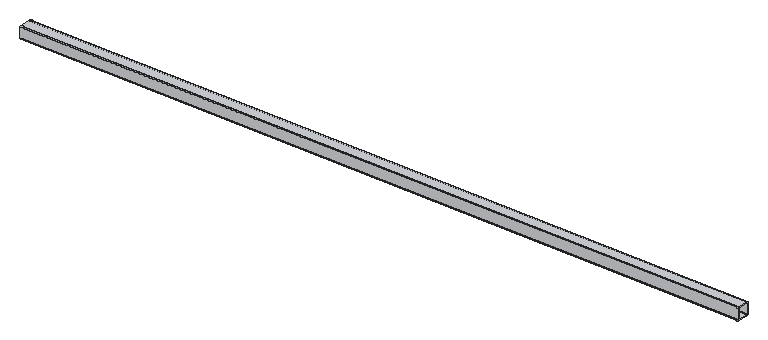
Revit family "CENTUM Profil XL 100 6m L2D", category HLS-Bauteile, Revit 2023
Family settings
  Bemaßung runder Anschluss = Durchmesser verwenden
  Teiletyp = Normal
  Arbeitsebenenbasiert = Ja
  Immer vertikal = Nein
  Beim Laden mit Abzugskörper schneiden = Nein
  Beschriftungsausrichtung beibehalten = Nein
  Gemeinsam genutzt = Ja
  Raumberechnungspunkt = Nein
Parameters (values of type "Centum Profil XL100 L=6000 L2D")
  vpe = "6"
  Widerstandsmoment Wz = "31.43 cm³"
  Widerstandsmoment Wy = "31.43 cm³"
  Default Elevation = 1219.2 mm
  Trägheitsradius iz = "4.02 cm"
  Trägheitsradius iy = "4.02 cm"
  Torsionswiderstandsmoment Wt = "56.40 cm³"
  Stärke = 3 mm
  Streckgrenze = "275 N/mm²"
  Schwerpunktabstand ez = " cm"
  Schwerpunktabstand eu = " cm"
  Schwerpunktabstand eo = " cm"
  Schlitzbreite = " mm"
  Regelhalter [instance] = ""
  Profiltyp = "XL 100"
  Profil = "CENTUM"
  Oberflaeche = "feuerstückverzinkt"
  Montagelänge [instance] = 6000 mm
  Mengeneinheit = "m"
  Materialname = "S275"
  Material = "Stahl"
  Länge = 6000 mm
  Lochdurchmesser = " mm"
  Langloch = "14.0 x 65.0 mm"
  Kurztext2 = "100 / 100 / 3 mm L= 6 m fsv"
  Kurztext1 = "Montageprofil CENTUM XL 100"
  Höhe = "100 mm"
  Gewicht pro Stück [instance] = (Gewicht * Montagelänge / (1000 mm * 1000 mm)) * 1000 mm  # 50.76 kg
  Gewicht pro Bauteil [instance] = Gewicht pro Stück  # 50.76 kg
  Gewicht = 8.46 kg
  Gesamtlänge [instance] = Montagelänge  # 6000 mm
  Gesamtgewicht [instance] = Gewicht pro Bauteil  # 50.76 kg
  Fläche (schwächster Profilquerschnitt) = 0.000973 m²
  Firma = "MEFA Befestigungs- und Montagesysteme GmbH"
  Fabrikat = "MEFA"
  Erweiterung Langloch = " mm"
  EAN = "4250928436634"
  Bund = "96 m"
  Breite = 100 mm
  Artikelnummer = "16010060"
  Anzahl Langloch [instance] = Montagelänge / 80 mm  # 75
  Abmessung = "100/100/3.0 mm"
Reference planes
  plane 1 "Mitte (Vorne/hinten)": y = 0
  plane 2: z = 0
  plane 3 "Mitte (Links/rechts)": x = 0
  plane 4: x = 6000
Forms (mm)
  Extrusion 1, solid, detail levels fine
    sketch origin (0, 0, 0) x (0, 1, 0) y (0, 0, 1)
      loop
        arc (44, 0) -> (48.243, 1.757) -> (50, 6) r 6
        line (50, 6) -> (50, 94)
        arc (50, 94) -> (48.243, 98.243) -> (44, 100) r 6
        line (44, 100) -> (-44, 100)
        arc (-44, 100) -> (-48.243, 98.243) -> (-50, 94) r 6
        line (-50, 94) -> (-50, 6)
        arc (-50, 6) -> (-48.243, 1.757) -> (-44, 0) r 6
        line (-44, 0) -> (44, 0)
      loop
        arc (47, 94) -> (46.121, 96.121) -> (44, 97) r 3
        line (44, 97) -> (-44, 97)
        arc (-44, 97) -> (-46.121, 96.121) -> (-47, 94) r 3
        line (-47, 94) -> (-47, 6)
        arc (-47, 6) -> (-46.121, 3.879) -> (-44, 3) r 3
        line (-44, 3) -> (44, 3)
        arc (44, 3) -> (46.121, 3.879) -> (47, 6) r 3
        line (47, 6) -> (47, 94)
    from 0 to 6000
  Extrusion 2, solid, detail levels medium
    sketch origin (0, 0, 0) x (0, 1, 0) y (0, 0, 1)
      loop
        line (50, 0) -> (50, 100) -> (-50, 100) -> (-50, 0) -> (50, 0)
      loop
        line (47, 97) -> (-47, 97) -> (-47, 3) -> (47, 3) -> (47, 97)
    from 0 to 6000
  Extrusion 3, solid, detail levels coarse
    sketch origin (0, 0, 0) x (0, 1, 0) y (0, 0, 1)
      loop
        line (50, 0) -> (50, 100) -> (-50, 100) -> (-50, 0) -> (50, 0)
    from 0 to 6000
Lines and regions (mm)
  model lines
    curve 1: line (0, 0, 110) -> (0, 0, -10)
    curve 2: line (0, -60, 50) -> (0, 60, 50)
Dimensions and locks
  "Montagelänge": plane 4 to plane 3 "Mitte (Links/rechts)"
  equal spacing: group 1, group 2, group 3, group 4, group 5, group 6, group 7, group 8, group 9, group 10, group 11, group 12, group 13, group 14, group 15, group 16, group 17, group 18, group 19, group 20, group 21, group 22, group 23, group 24, group 25, group 26, group 27, group 28, group 29, group 30, group 31, group 32, group 33, group 34, group 35, group 36, group 37, group 38, group 39, group 40, group 41, group 42, group 43, group 44, group 45, group 46, group 47, group 48, group 49, group 50, group 51, group 52, group 53, group 54, group 55, group 56, group 57, group 58, group 59, group 60, group 61, group 62, group 63, group 64, group 65, group 66, group 67, group 68, group 69, group 70, group 71, group 72, group 73, group 74, group 75  (x3)
  aligned and locked: level to plane 2
  aligned and locked: plane 4 to Extrusion 1
  aligned and locked: Extrusion 3 to Extrusion 1
  aligned and locked: Extrusion 2 to Extrusion 1
  aligned and locked: nested 1 to nested 4
  aligned and locked: nested 4 to curve 2
  aligned and locked: nested 4 to nested 3
  aligned and locked: nested 3 to curve 1
  aligned and locked: nested 2 to nested 1
  aligned and locked: nested 2 to curve 2
  aligned and locked: nested 5 to nested 8
  aligned and locked: nested 8 to nested 7
  aligned and locked: nested 6 to nested 5
  aligned and locked: nested 9 to nested 12
  aligned and locked: nested 12 to nested 11
  aligned and locked: nested 10 to nested 9
  aligned and locked: nested 13 to nested 16
  aligned and locked: nested 16 to nested 15
  aligned and locked: nested 14 to nested 13
  aligned and locked: nested 17 to nested 20
  aligned and locked: nested 20 to nested 19
  aligned and locked: nested 18 to nested 17
  aligned and locked: nested 21 to nested 24
  aligned and locked: nested 24 to nested 23
  aligned and locked: nested 22 to nested 21
  aligned and locked: nested 25 to nested 28
  aligned and locked: nested 28 to nested 27
  aligned and locked: nested 26 to nested 25
  aligned and locked: nested 29 to nested 32
  aligned and locked: nested 32 to nested 31
  aligned and locked: nested 30 to nested 29
  aligned and locked: nested 33 to nested 36
  aligned and locked: nested 36 to nested 35
  aligned and locked: nested 34 to nested 33
  aligned and locked: nested 37 to nested 40
  aligned and locked: nested 40 to nested 39
  aligned and locked: nested 38 to nested 37
  aligned and locked: nested 41 to nested 44
  aligned and locked: nested 44 to nested 43
  aligned and locked: nested 42 to nested 41
  aligned and locked: nested 45 to nested 48
  aligned and locked: nested 48 to nested 47
  aligned and locked: nested 46 to nested 45
  aligned and locked: nested 49 to nested 52
  aligned and locked: nested 52 to nested 51
  aligned and locked: nested 50 to nested 49
  aligned and locked: nested 53 to nested 56
  aligned and locked: nested 56 to nested 55
  aligned and locked: nested 54 to nested 53
  aligned and locked: nested 57 to nested 60
  aligned and locked: nested 60 to nested 59
  aligned and locked: nested 58 to nested 57
  aligned and locked: nested 61 to nested 64
  aligned and locked: nested 64 to nested 63
  aligned and locked: nested 62 to nested 61
  aligned and locked: nested 65 to nested 68
  aligned and locked: nested 68 to nested 67
  aligned and locked: nested 66 to nested 65
  aligned and locked: nested 69 to nested 72
  aligned and locked: nested 72 to nested 71
  aligned and locked: nested 70 to nested 69
  aligned and locked: nested 73 to nested 76
  aligned and locked: nested 76 to nested 75
  aligned and locked: nested 74 to nested 73
  aligned and locked: nested 77 to nested 80
  aligned and locked: nested 80 to nested 79
  aligned and locked: nested 78 to nested 77
  aligned and locked: nested 81 to nested 84
  aligned and locked: nested 84 to nested 83
  aligned and locked: nested 82 to nested 81
  aligned and locked: nested 85 to nested 88
  aligned and locked: nested 88 to nested 87
  aligned and locked: nested 86 to nested 85
  aligned and locked: nested 89 to nested 92
  aligned and locked: nested 92 to nested 91
  aligned and locked: nested 90 to nested 89
  aligned and locked: nested 93 to nested 96
  aligned and locked: nested 96 to nested 95
  aligned and locked: nested 94 to nested 93
  aligned and locked: nested 97 to nested 100
  aligned and locked: nested 100 to nested 99
  aligned and locked: nested 98 to nested 97
  aligned and locked: nested 101 to nested 104
  aligned and locked: nested 104 to nested 103
  aligned and locked: nested 102 to nested 101
  aligned and locked: nested 105 to nested 108
  aligned and locked: nested 108 to nested 107
  aligned and locked: nested 106 to nested 105
  aligned and locked: nested 109 to nested 112
  aligned and locked: nested 112 to nested 111
  aligned and locked: nested 110 to nested 109
  aligned and locked: nested 113 to nested 116
  aligned and locked: nested 116 to nested 115
  aligned and locked: nested 114 to nested 113
  aligned and locked: nested 117 to nested 120
  aligned and locked: nested 120 to nested 119
  aligned and locked: nested 118 to nested 117
  aligned and locked: nested 121 to nested 124
  aligned and locked: nested 124 to nested 123
  aligned and locked: nested 122 to nested 121
  aligned and locked: nested 125 to nested 128
  aligned and locked: nested 128 to nested 127
  aligned and locked: nested 126 to nested 125
  aligned and locked: nested 129 to nested 132
  aligned and locked: nested 132 to nested 131
  aligned and locked: nested 130 to nested 129
  aligned and locked: nested 133 to nested 136
  aligned and locked: nested 136 to nested 135
  aligned and locked: nested 134 to nested 133
  aligned and locked: nested 137 to nested 140
  aligned and locked: nested 140 to nested 139
  aligned and locked: nested 138 to nested 137
  aligned and locked: nested 141 to nested 144
  aligned and locked: nested 144 to nested 143
  aligned and locked: nested 142 to nested 141
  aligned and locked: nested 145 to nested 148
  aligned and locked: nested 148 to nested 147
  aligned and locked: nested 146 to nested 145
  aligned and locked: nested 149 to nested 152
  aligned and locked: nested 152 to nested 151
  aligned and locked: nested 150 to nested 149
  aligned and locked: nested 153 to nested 156
  aligned and locked: nested 156 to nested 155
  aligned and locked: nested 154 to nested 153
  aligned and locked: nested 157 to nested 160
  aligned and locked: nested 160 to nested 159
  aligned and locked: nested 158 to nested 157
  aligned and locked: nested 161 to nested 164
  aligned and locked: nested 164 to nested 163
  aligned and locked: nested 162 to nested 161
  aligned and locked: nested 165 to nested 168
  aligned and locked: nested 168 to nested 167
  aligned and locked: nested 166 to nested 165
  aligned and locked: nested 169 to nested 172
  aligned and locked: nested 172 to nested 171
  aligned and locked: nested 170 to nested 169
  aligned and locked: nested 173 to nested 176
  aligned and locked: nested 176 to nested 175
  aligned and locked: nested 174 to nested 173
  aligned and locked: nested 177 to nested 180
  aligned and locked: nested 180 to nested 179
  aligned and locked: nested 178 to nested 177
  aligned and locked: nested 181 to nested 184
  aligned and locked: nested 184 to nested 183
  aligned and locked: nested 182 to nested 181
  aligned and locked: nested 185 to nested 188
  aligned and locked: nested 188 to nested 187
  aligned and locked: nested 186 to nested 185
  aligned and locked: nested 189 to nested 192
  aligned and locked: nested 192 to nested 191
  aligned and locked: nested 190 to nested 189
  aligned and locked: nested 193 to nested 196
  aligned and locked: nested 196 to nested 195
  aligned and locked: nested 194 to nested 193
  aligned and locked: nested 197 to nested 200
  aligned and locked: nested 200 to nested 199
  aligned and locked: nested 198 to nested 197
  aligned and locked: nested 201 to nested 204
  aligned and locked: nested 204 to nested 203
  aligned and locked: nested 202 to nested 201
  aligned and locked: nested 205 to nested 208
  aligned and locked: nested 208 to nested 207
  aligned and locked: nested 206 to nested 205
  aligned and locked: nested 209 to nested 212
  aligned and locked: nested 212 to nested 211
  aligned and locked: nested 210 to nested 209
  aligned and locked: nested 213 to nested 216
  aligned and locked: nested 216 to nested 215
  aligned and locked: nested 214 to nested 213
  aligned and locked: nested 217 to nested 220
  aligned and locked: nested 220 to nested 219
  aligned and locked: nested 218 to nested 217
  aligned and locked: nested 221 to nested 224
  aligned and locked: nested 224 to nested 223
  aligned and locked: nested 222 to nested 221
  aligned and locked: nested 225 to nested 228
  aligned and locked: nested 228 to nested 227
  aligned and locked: nested 226 to nested 225
  aligned and locked: nested 229 to nested 232
  aligned and locked: nested 232 to nested 231
  aligned and locked: nested 230 to nested 229
  aligned and locked: nested 233 to nested 236
  aligned and locked: nested 236 to nested 235
  aligned and locked: nested 234 to nested 233
  aligned and locked: nested 237 to nested 240
  aligned and locked: nested 240 to nested 239
  aligned and locked: nested 238 to nested 237
  aligned and locked: nested 241 to nested 244
  aligned and locked: nested 244 to nested 243
  aligned and locked: nested 242 to nested 241
  aligned and locked: nested 245 to nested 248
  aligned and locked: nested 248 to nested 247
  aligned and locked: nested 246 to nested 245
  aligned and locked: nested 249 to nested 252
  aligned and locked: nested 252 to nested 251
  aligned and locked: nested 250 to nested 249
  aligned and locked: nested 253 to nested 256
  aligned and locked: nested 256 to nested 255
  aligned and locked: nested 254 to nested 253
  aligned and locked: nested 257 to nested 260
  aligned and locked: nested 260 to nested 259
  aligned and locked: nested 258 to nested 257
  aligned and locked: nested 261 to nested 264
  aligned and locked: nested 264 to nested 263
  aligned and locked: nested 262 to nested 261
  aligned and locked: nested 265 to nested 268
  aligned and locked: nested 268 to nested 267
  aligned and locked: nested 266 to nested 265
  aligned and locked: nested 269 to nested 272
  aligned and locked: nested 272 to nested 271
  aligned and locked: nested 270 to nested 269
  aligned and locked: nested 273 to nested 276
  aligned and locked: nested 276 to nested 275
  aligned and locked: nested 274 to nested 273
  aligned and locked: nested 277 to nested 280
  aligned and locked: nested 280 to nested 279
  aligned and locked: nested 278 to nested 277
  aligned and locked: nested 281 to nested 284
  aligned and locked: nested 284 to nested 283
  aligned and locked: nested 282 to nested 281
  aligned and locked: nested 285 to nested 288
  aligned and locked: nested 288 to nested 287
  aligned and locked: nested 286 to nested 285
  aligned and locked: nested 289 to nested 292
  aligned and locked: nested 292 to nested 291
  aligned and locked: nested 290 to nested 289
  aligned and locked: nested 293 to nested 296
  aligned and locked: nested 296 to nested 295
  aligned and locked: nested 294 to nested 293
  aligned and locked: nested 297 to nested 300
  aligned and locked: nested 300 to nested 299
  aligned and locked: nested 298 to nested 297
Automatic sketch dimensions
  Extrusion 1 sketch curve to Extrusion 1 sketch curve = 0 mm  (x8)
  Extrusion 1 sketch curve to level = 0 mm
  level to Extrusion 1 sketch curve = 6 mm  (x2)
  plane 1 "Mitte (Vorne/hinten)" to Extrusion 1 sketch curve = 50 mm
  Extrusion 1 sketch curve to Extrusion 1 sketch curve = 3 mm  (x2)
  Extrusion 1 sketch curve to plane 1 "Mitte (Vorne/hinten)" = 44 mm  (x2)
  Extrusion 1 sketch curve to Extrusion 1 sketch curve = 88 mm
  curve 1 to plane 1 "Mitte (Vorne/hinten)" = 0 mm
  curve 1 to level = 10 mm
  level to curve 1 = 110 mm
  plane 1 "Mitte (Vorne/hinten)" to curve 2 = 60 mm
  curve 2 to plane 1 "Mitte (Vorne/hinten)" = 60 mm
  level to curve 2 = 50 mm
  Extrusion 2 sketch curve to level = 0 mm
  plane 1 "Mitte (Vorne/hinten)" to Extrusion 2 sketch curve = 50 mm
  Extrusion 2 sketch curve to Extrusion 2 sketch curve = 3 mm  (x4)
  Extrusion 2 sketch curve to Extrusion 2 sketch curve = 100 mm
  Extrusion 2 sketch curve to plane 1 "Mitte (Vorne/hinten)" = 47 mm
  Extrusion 3 sketch curve to level = 0 mm
  plane 1 "Mitte (Vorne/hinten)" to Extrusion 3 sketch curve = 50 mm
  Extrusion 3 sketch curve to plane 1 "Mitte (Vorne/hinten)" = 50 mm
  level to Extrusion 3 sketch curve = 100 mm
Nested families
  nested 1: "Langloch 14 x 65 2D" at (40, 0, 100) x (-1, 0, 0) z (0, 0, 1), type "Langloch 14 x 65 2D", detail levels fine
  nested 2: "Langloch 14 x 65 2D" at (40, -50, 50) x (-1, 0, 0) z (0, -1, 0), type "Langloch 14 x 65 2D", detail levels fine
  nested 3: "Langloch 14 x 65 2D" at (40, 0, 0) x (-1, 0, 0) z (0, 0, -1), type "Langloch 14 x 65 2D", detail levels fine
  nested 4: "Langloch 14 x 65 2D" at (40, 50, 50) x (-1, 0, 0) z (0, 1, 0), type "Langloch 14 x 65 2D", detail levels fine
  nested 5: "Langloch 14 x 65 2D" at (120, 0, 100) x (-1, 0, 0) z (0, 0, 1), type "Langloch 14 x 65 2D", detail levels fine
  nested 6: "Langloch 14 x 65 2D" at (120, -50, 50) x (-1, 0, 0) z (0, -1, 0), type "Langloch 14 x 65 2D", detail levels fine
  nested 7: "Langloch 14 x 65 2D" at (120, 0, 0) x (-1, 0, 0) z (0, 0, -1), type "Langloch 14 x 65 2D", detail levels fine
  nested 8: "Langloch 14 x 65 2D" at (120, 50, 50) x (-1, 0, 0) z (0, 1, 0), type "Langloch 14 x 65 2D", detail levels fine
  nested 9: "Langloch 14 x 65 2D" at (200, 0, 100) x (-1, 0, 0) z (0, 0, 1), type "Langloch 14 x 65 2D", detail levels fine
  nested 10: "Langloch 14 x 65 2D" at (200, -50, 50) x (-1, 0, 0) z (0, -1, 0), type "Langloch 14 x 65 2D", detail levels fine
  nested 11: "Langloch 14 x 65 2D" at (200, 0, 0) x (-1, 0, 0) z (0, 0, -1), type "Langloch 14 x 65 2D", detail levels fine
  nested 12: "Langloch 14 x 65 2D" at (200, 50, 50) x (-1, 0, 0) z (0, 1, 0), type "Langloch 14 x 65 2D", detail levels fine
  nested 13: "Langloch 14 x 65 2D" at (280, 0, 100) x (-1, 0, 0) z (0, 0, 1), type "Langloch 14 x 65 2D", detail levels fine
  nested 14: "Langloch 14 x 65 2D" at (280, -50, 50) x (-1, 0, 0) z (0, -1, 0), type "Langloch 14 x 65 2D", detail levels fine
  nested 15: "Langloch 14 x 65 2D" at (280, 0, 0) x (-1, 0, 0) z (0, 0, -1), type "Langloch 14 x 65 2D", detail levels fine
  nested 16: "Langloch 14 x 65 2D" at (280, 50, 50) x (-1, 0, 0) z (0, 1, 0), type "Langloch 14 x 65 2D", detail levels fine
  nested 17: "Langloch 14 x 65 2D" at (360, 0, 100) x (-1, 0, 0) z (0, 0, 1), type "Langloch 14 x 65 2D", detail levels fine
  nested 18: "Langloch 14 x 65 2D" at (360, -50, 50) x (-1, 0, 0) z (0, -1, 0), type "Langloch 14 x 65 2D", detail levels fine
  nested 19: "Langloch 14 x 65 2D" at (360, 0, 0) x (-1, 0, 0) z (0, 0, -1), type "Langloch 14 x 65 2D", detail levels fine
  nested 20: "Langloch 14 x 65 2D" at (360, 50, 50) x (-1, 0, 0) z (0, 1, 0), type "Langloch 14 x 65 2D", detail levels fine
  nested 21: "Langloch 14 x 65 2D" at (440, 0, 100) x (-1, 0, 0) z (0, 0, 1), type "Langloch 14 x 65 2D", detail levels fine
  nested 22: "Langloch 14 x 65 2D" at (440, -50, 50) x (-1, 0, 0) z (0, -1, 0), type "Langloch 14 x 65 2D", detail levels fine
  nested 23: "Langloch 14 x 65 2D" at (440, 0, 0) x (-1, 0, 0) z (0, 0, -1), type "Langloch 14 x 65 2D", detail levels fine
  nested 24: "Langloch 14 x 65 2D" at (440, 50, 50) x (-1, 0, 0) z (0, 1, 0), type "Langloch 14 x 65 2D", detail levels fine
  nested 25: "Langloch 14 x 65 2D" at (520, 0, 100) x (-1, 0, 0) z (0, 0, 1), type "Langloch 14 x 65 2D", detail levels fine
  nested 26: "Langloch 14 x 65 2D" at (520, -50, 50) x (-1, 0, 0) z (0, -1, 0), type "Langloch 14 x 65 2D", detail levels fine
  nested 27: "Langloch 14 x 65 2D" at (520, 0, 0) x (-1, 0, 0) z (0, 0, -1), type "Langloch 14 x 65 2D", detail levels fine
  nested 28: "Langloch 14 x 65 2D" at (520, 50, 50) x (-1, 0, 0) z (0, 1, 0), type "Langloch 14 x 65 2D", detail levels fine
  nested 29: "Langloch 14 x 65 2D" at (600, 0, 100) x (-1, 0, 0) z (0, 0, 1), type "Langloch 14 x 65 2D", detail levels fine
  nested 30: "Langloch 14 x 65 2D" at (600, -50, 50) x (-1, 0, 0) z (0, -1, 0), type "Langloch 14 x 65 2D", detail levels fine
  nested 31: "Langloch 14 x 65 2D" at (600, 0, 0) x (-1, 0, 0) z (0, 0, -1), type "Langloch 14 x 65 2D", detail levels fine
  nested 32: "Langloch 14 x 65 2D" at (600, 50, 50) x (-1, 0, 0) z (0, 1, 0), type "Langloch 14 x 65 2D", detail levels fine
  nested 33: "Langloch 14 x 65 2D" at (680, 0, 100) x (-1, 0, 0) z (0, 0, 1), type "Langloch 14 x 65 2D", detail levels fine
  nested 34: "Langloch 14 x 65 2D" at (680, -50, 50) x (-1, 0, 0) z (0, -1, 0), type "Langloch 14 x 65 2D", detail levels fine
  nested 35: "Langloch 14 x 65 2D" at (680, 0, 0) x (-1, 0, 0) z (0, 0, -1), type "Langloch 14 x 65 2D", detail levels fine
  nested 36: "Langloch 14 x 65 2D" at (680, 50, 50) x (-1, 0, 0) z (0, 1, 0), type "Langloch 14 x 65 2D", detail levels fine
  nested 37: "Langloch 14 x 65 2D" at (760, 0, 100) x (-1, 0, 0) z (0, 0, 1), type "Langloch 14 x 65 2D", detail levels fine
  nested 38: "Langloch 14 x 65 2D" at (760, -50, 50) x (-1, 0, 0) z (0, -1, 0), type "Langloch 14 x 65 2D", detail levels fine
  nested 39: "Langloch 14 x 65 2D" at (760, 0, 0) x (-1, 0, 0) z (0, 0, -1), type "Langloch 14 x 65 2D", detail levels fine
  nested 40: "Langloch 14 x 65 2D" at (760, 50, 50) x (-1, 0, 0) z (0, 1, 0), type "Langloch 14 x 65 2D", detail levels fine
  nested 41: "Langloch 14 x 65 2D" at (840, 0, 100) x (-1, 0, 0) z (0, 0, 1), type "Langloch 14 x 65 2D", detail levels fine
  nested 42: "Langloch 14 x 65 2D" at (840, -50, 50) x (-1, 0, 0) z (0, -1, 0), type "Langloch 14 x 65 2D", detail levels fine
  nested 43: "Langloch 14 x 65 2D" at (840, 0, 0) x (-1, 0, 0) z (0, 0, -1), type "Langloch 14 x 65 2D", detail levels fine
  nested 44: "Langloch 14 x 65 2D" at (840, 50, 50) x (-1, 0, 0) z (0, 1, 0), type "Langloch 14 x 65 2D", detail levels fine
  nested 45: "Langloch 14 x 65 2D" at (920, 0, 100) x (-1, 0, 0) z (0, 0, 1), type "Langloch 14 x 65 2D", detail levels fine
  nested 46: "Langloch 14 x 65 2D" at (920, -50, 50) x (-1, 0, 0) z (0, -1, 0), type "Langloch 14 x 65 2D", detail levels fine
  nested 47: "Langloch 14 x 65 2D" at (920, 0, 0) x (-1, 0, 0) z (0, 0, -1), type "Langloch 14 x 65 2D", detail levels fine
  nested 48: "Langloch 14 x 65 2D" at (920, 50, 50) x (-1, 0, 0) z (0, 1, 0), type "Langloch 14 x 65 2D", detail levels fine
  nested 49: "Langloch 14 x 65 2D" at (1000, 0, 100) x (-1, 0, 0) z (0, 0, 1), type "Langloch 14 x 65 2D", detail levels fine
  nested 50: "Langloch 14 x 65 2D" at (1000, -50, 50) x (-1, 0, 0) z (0, -1, 0), type "Langloch 14 x 65 2D", detail levels fine
  nested 51: "Langloch 14 x 65 2D" at (1000, 0, 0) x (-1, 0, 0) z (0, 0, -1), type "Langloch 14 x 65 2D", detail levels fine
  nested 52: "Langloch 14 x 65 2D" at (1000, 50, 50) x (-1, 0, 0) z (0, 1, 0), type "Langloch 14 x 65 2D", detail levels fine
  nested 53: "Langloch 14 x 65 2D" at (1080, 0, 100) x (-1, 0, 0) z (0, 0, 1), type "Langloch 14 x 65 2D", detail levels fine
  nested 54: "Langloch 14 x 65 2D" at (1080, -50, 50) x (-1, 0, 0) z (0, -1, 0), type "Langloch 14 x 65 2D", detail levels fine
  nested 55: "Langloch 14 x 65 2D" at (1080, 0, 0) x (-1, 0, 0) z (0, 0, -1), type "Langloch 14 x 65 2D", detail levels fine
  nested 56: "Langloch 14 x 65 2D" at (1080, 50, 50) x (-1, 0, 0) z (0, 1, 0), type "Langloch 14 x 65 2D", detail levels fine
  nested 57: "Langloch 14 x 65 2D" at (1160, 0, 100) x (-1, 0, 0) z (0, 0, 1), type "Langloch 14 x 65 2D", detail levels fine
  nested 58: "Langloch 14 x 65 2D" at (1160, -50, 50) x (-1, 0, 0) z (0, -1, 0), type "Langloch 14 x 65 2D", detail levels fine
  nested 59: "Langloch 14 x 65 2D" at (1160, 0, 0) x (-1, 0, 0) z (0, 0, -1), type "Langloch 14 x 65 2D", detail levels fine
  nested 60: "Langloch 14 x 65 2D" at (1160, 50, 50) x (-1, 0, 0) z (0, 1, 0), type "Langloch 14 x 65 2D", detail levels fine
  nested 61: "Langloch 14 x 65 2D" at (1240, 0, 100) x (-1, 0, 0) z (0, 0, 1), type "Langloch 14 x 65 2D", detail levels fine
  nested 62: "Langloch 14 x 65 2D" at (1240, -50, 50) x (-1, 0, 0) z (0, -1, 0), type "Langloch 14 x 65 2D", detail levels fine
  nested 63: "Langloch 14 x 65 2D" at (1240, 0, 0) x (-1, 0, 0) z (0, 0, -1), type "Langloch 14 x 65 2D", detail levels fine
  nested 64: "Langloch 14 x 65 2D" at (1240, 50, 50) x (-1, 0, 0) z (0, 1, 0), type "Langloch 14 x 65 2D", detail levels fine
  nested 65: "Langloch 14 x 65 2D" at (1320, 0, 100) x (-1, 0, 0) z (0, 0, 1), type "Langloch 14 x 65 2D", detail levels fine
  nested 66: "Langloch 14 x 65 2D" at (1320, -50, 50) x (-1, 0, 0) z (0, -1, 0), type "Langloch 14 x 65 2D", detail levels fine
  nested 67: "Langloch 14 x 65 2D" at (1320, 0, 0) x (-1, 0, 0) z (0, 0, -1), type "Langloch 14 x 65 2D", detail levels fine
  nested 68: "Langloch 14 x 65 2D" at (1320, 50, 50) x (-1, 0, 0) z (0, 1, 0), type "Langloch 14 x 65 2D", detail levels fine
  nested 69: "Langloch 14 x 65 2D" at (1400, 0, 100) x (-1, 0, 0) z (0, 0, 1), type "Langloch 14 x 65 2D", detail levels fine
  nested 70: "Langloch 14 x 65 2D" at (1400, -50, 50) x (-1, 0, 0) z (0, -1, 0), type "Langloch 14 x 65 2D", detail levels fine
  nested 71: "Langloch 14 x 65 2D" at (1400, 0, 0) x (-1, 0, 0) z (0, 0, -1), type "Langloch 14 x 65 2D", detail levels fine
  nested 72: "Langloch 14 x 65 2D" at (1400, 50, 50) x (-1, 0, 0) z (0, 1, 0), type "Langloch 14 x 65 2D", detail levels fine
  nested 73: "Langloch 14 x 65 2D" at (1480, 0, 100) x (-1, 0, 0) z (0, 0, 1), type "Langloch 14 x 65 2D", detail levels fine
  nested 74: "Langloch 14 x 65 2D" at (1480, -50, 50) x (-1, 0, 0) z (0, -1, 0), type "Langloch 14 x 65 2D", detail levels fine
  nested 75: "Langloch 14 x 65 2D" at (1480, 0, 0) x (-1, 0, 0) z (0, 0, -1), type "Langloch 14 x 65 2D", detail levels fine
  nested 76: "Langloch 14 x 65 2D" at (1480, 50, 50) x (-1, 0, 0) z (0, 1, 0), type "Langloch 14 x 65 2D", detail levels fine
  nested 77: "Langloch 14 x 65 2D" at (1560, 0, 100) x (-1, 0, 0) z (0, 0, 1), type "Langloch 14 x 65 2D", detail levels fine
  nested 78: "Langloch 14 x 65 2D" at (1560, -50, 50) x (-1, 0, 0) z (0, -1, 0), type "Langloch 14 x 65 2D", detail levels fine
  nested 79: "Langloch 14 x 65 2D" at (1560, 0, 0) x (-1, 0, 0) z (0, 0, -1), type "Langloch 14 x 65 2D", detail levels fine
  nested 80: "Langloch 14 x 65 2D" at (1560, 50, 50) x (-1, 0, 0) z (0, 1, 0), type "Langloch 14 x 65 2D", detail levels fine
  nested 81: "Langloch 14 x 65 2D" at (1640, 0, 100) x (-1, 0, 0) z (0, 0, 1), type "Langloch 14 x 65 2D", detail levels fine
  nested 82: "Langloch 14 x 65 2D" at (1640, -50, 50) x (-1, 0, 0) z (0, -1, 0), type "Langloch 14 x 65 2D", detail levels fine
  nested 83: "Langloch 14 x 65 2D" at (1640, 0, 0) x (-1, 0, 0) z (0, 0, -1), type "Langloch 14 x 65 2D", detail levels fine
  nested 84: "Langloch 14 x 65 2D" at (1640, 50, 50) x (-1, 0, 0) z (0, 1, 0), type "Langloch 14 x 65 2D", detail levels fine
  nested 85: "Langloch 14 x 65 2D" at (1720, 0, 100) x (-1, 0, 0) z (0, 0, 1), type "Langloch 14 x 65 2D", detail levels fine
  nested 86: "Langloch 14 x 65 2D" at (1720, -50, 50) x (-1, 0, 0) z (0, -1, 0), type "Langloch 14 x 65 2D", detail levels fine
  nested 87: "Langloch 14 x 65 2D" at (1720, 0, 0) x (-1, 0, 0) z (0, 0, -1), type "Langloch 14 x 65 2D", detail levels fine
  nested 88: "Langloch 14 x 65 2D" at (1720, 50, 50) x (-1, 0, 0) z (0, 1, 0), type "Langloch 14 x 65 2D", detail levels fine
  nested 89: "Langloch 14 x 65 2D" at (1800, 0, 100) x (-1, 0, 0) z (0, 0, 1), type "Langloch 14 x 65 2D", detail levels fine
  nested 90: "Langloch 14 x 65 2D" at (1800, -50, 50) x (-1, 0, 0) z (0, -1, 0), type "Langloch 14 x 65 2D", detail levels fine
  nested 91: "Langloch 14 x 65 2D" at (1800, 0, 0) x (-1, 0, 0) z (0, 0, -1), type "Langloch 14 x 65 2D", detail levels fine
  nested 92: "Langloch 14 x 65 2D" at (1800, 50, 50) x (-1, 0, 0) z (0, 1, 0), type "Langloch 14 x 65 2D", detail levels fine
  nested 93: "Langloch 14 x 65 2D" at (1880, 0, 100) x (-1, 0, 0) z (0, 0, 1), type "Langloch 14 x 65 2D", detail levels fine
  nested 94: "Langloch 14 x 65 2D" at (1880, -50, 50) x (-1, 0, 0) z (0, -1, 0), type "Langloch 14 x 65 2D", detail levels fine
  nested 95: "Langloch 14 x 65 2D" at (1880, 0, 0) x (-1, 0, 0) z (0, 0, -1), type "Langloch 14 x 65 2D", detail levels fine
  nested 96: "Langloch 14 x 65 2D" at (1880, 50, 50) x (-1, 0, 0) z (0, 1, 0), type "Langloch 14 x 65 2D", detail levels fine
  nested 97: "Langloch 14 x 65 2D" at (1960, 0, 100) x (-1, 0, 0) z (0, 0, 1), type "Langloch 14 x 65 2D", detail levels fine
  nested 98: "Langloch 14 x 65 2D" at (1960, -50, 50) x (-1, 0, 0) z (0, -1, 0), type "Langloch 14 x 65 2D", detail levels fine
  nested 99: "Langloch 14 x 65 2D" at (1960, 0, 0) x (-1, 0, 0) z (0, 0, -1), type "Langloch 14 x 65 2D", detail levels fine
  nested 100: "Langloch 14 x 65 2D" at (1960, 50, 50) x (-1, 0, 0) z (0, 1, 0), type "Langloch 14 x 65 2D", detail levels fine
  nested 101: "Langloch 14 x 65 2D" at (2040, 0, 100) x (-1, 0, 0) z (0, 0, 1), type "Langloch 14 x 65 2D", detail levels fine
  nested 102: "Langloch 14 x 65 2D" at (2040, -50, 50) x (-1, 0, 0) z (0, -1, 0), type "Langloch 14 x 65 2D", detail levels fine
  nested 103: "Langloch 14 x 65 2D" at (2040, 0, 0) x (-1, 0, 0) z (0, 0, -1), type "Langloch 14 x 65 2D", detail levels fine
  nested 104: "Langloch 14 x 65 2D" at (2040, 50, 50) x (-1, 0, 0) z (0, 1, 0), type "Langloch 14 x 65 2D", detail levels fine
  nested 105: "Langloch 14 x 65 2D" at (2120, 0, 100) x (-1, 0, 0) z (0, 0, 1), type "Langloch 14 x 65 2D", detail levels fine
  nested 106: "Langloch 14 x 65 2D" at (2120, -50, 50) x (-1, 0, 0) z (0, -1, 0), type "Langloch 14 x 65 2D", detail levels fine
  nested 107: "Langloch 14 x 65 2D" at (2120, 0, 0) x (-1, 0, 0) z (0, 0, -1), type "Langloch 14 x 65 2D", detail levels fine
  nested 108: "Langloch 14 x 65 2D" at (2120, 50, 50) x (-1, 0, 0) z (0, 1, 0), type "Langloch 14 x 65 2D", detail levels fine
  nested 109: "Langloch 14 x 65 2D" at (2200, 0, 100) x (-1, 0, 0) z (0, 0, 1), type "Langloch 14 x 65 2D", detail levels fine
  nested 110: "Langloch 14 x 65 2D" at (2200, -50, 50) x (-1, 0, 0) z (0, -1, 0), type "Langloch 14 x 65 2D", detail levels fine
  nested 111: "Langloch 14 x 65 2D" at (2200, 0, 0) x (-1, 0, 0) z (0, 0, -1), type "Langloch 14 x 65 2D", detail levels fine
  nested 112: "Langloch 14 x 65 2D" at (2200, 50, 50) x (-1, 0, 0) z (0, 1, 0), type "Langloch 14 x 65 2D", detail levels fine
  nested 113: "Langloch 14 x 65 2D" at (2280, 0, 100) x (-1, 0, 0) z (0, 0, 1), type "Langloch 14 x 65 2D", detail levels fine
  nested 114: "Langloch 14 x 65 2D" at (2280, -50, 50) x (-1, 0, 0) z (0, -1, 0), type "Langloch 14 x 65 2D", detail levels fine
  nested 115: "Langloch 14 x 65 2D" at (2280, 0, 0) x (-1, 0, 0) z (0, 0, -1), type "Langloch 14 x 65 2D", detail levels fine
  nested 116: "Langloch 14 x 65 2D" at (2280, 50, 50) x (-1, 0, 0) z (0, 1, 0), type "Langloch 14 x 65 2D", detail levels fine
  nested 117: "Langloch 14 x 65 2D" at (2360, 0, 100) x (-1, 0, 0) z (0, 0, 1), type "Langloch 14 x 65 2D", detail levels fine
  nested 118: "Langloch 14 x 65 2D" at (2360, -50, 50) x (-1, 0, 0) z (0, -1, 0), type "Langloch 14 x 65 2D", detail levels fine
  nested 119: "Langloch 14 x 65 2D" at (2360, 0, 0) x (-1, 0, 0) z (0, 0, -1), type "Langloch 14 x 65 2D", detail levels fine
  nested 120: "Langloch 14 x 65 2D" at (2360, 50, 50) x (-1, 0, 0) z (0, 1, 0), type "Langloch 14 x 65 2D", detail levels fine
  nested 121: "Langloch 14 x 65 2D" at (2440, 0, 100) x (-1, 0, 0) z (0, 0, 1), type "Langloch 14 x 65 2D", detail levels fine
  nested 122: "Langloch 14 x 65 2D" at (2440, -50, 50) x (-1, 0, 0) z (0, -1, 0), type "Langloch 14 x 65 2D", detail levels fine
  nested 123: "Langloch 14 x 65 2D" at (2440, 0, 0) x (-1, 0, 0) z (0, 0, -1), type "Langloch 14 x 65 2D", detail levels fine
  nested 124: "Langloch 14 x 65 2D" at (2440, 50, 50) x (-1, 0, 0) z (0, 1, 0), type "Langloch 14 x 65 2D", detail levels fine
  nested 125: "Langloch 14 x 65 2D" at (2520, 0, 100) x (-1, 0, 0) z (0, 0, 1), type "Langloch 14 x 65 2D", detail levels fine
  nested 126: "Langloch 14 x 65 2D" at (2520, -50, 50) x (-1, 0, 0) z (0, -1, 0), type "Langloch 14 x 65 2D", detail levels fine
  nested 127: "Langloch 14 x 65 2D" at (2520, 0, 0) x (-1, 0, 0) z (0, 0, -1), type "Langloch 14 x 65 2D", detail levels fine
  nested 128: "Langloch 14 x 65 2D" at (2520, 50, 50) x (-1, 0, 0) z (0, 1, 0), type "Langloch 14 x 65 2D", detail levels fine
  nested 129: "Langloch 14 x 65 2D" at (2600, 0, 100) x (-1, 0, 0) z (0, 0, 1), type "Langloch 14 x 65 2D", detail levels fine
  nested 130: "Langloch 14 x 65 2D" at (2600, -50, 50) x (-1, 0, 0) z (0, -1, 0), type "Langloch 14 x 65 2D", detail levels fine
  nested 131: "Langloch 14 x 65 2D" at (2600, 0, 0) x (-1, 0, 0) z (0, 0, -1), type "Langloch 14 x 65 2D", detail levels fine
  nested 132: "Langloch 14 x 65 2D" at (2600, 50, 50) x (-1, 0, 0) z (0, 1, 0), type "Langloch 14 x 65 2D", detail levels fine
  nested 133: "Langloch 14 x 65 2D" at (2680, 0, 100) x (-1, 0, 0) z (0, 0, 1), type "Langloch 14 x 65 2D", detail levels fine
  nested 134: "Langloch 14 x 65 2D" at (2680, -50, 50) x (-1, 0, 0) z (0, -1, 0), type "Langloch 14 x 65 2D", detail levels fine
  nested 135: "Langloch 14 x 65 2D" at (2680, 0, 0) x (-1, 0, 0) z (0, 0, -1), type "Langloch 14 x 65 2D", detail levels fine
  nested 136: "Langloch 14 x 65 2D" at (2680, 50, 50) x (-1, 0, 0) z (0, 1, 0), type "Langloch 14 x 65 2D", detail levels fine
  nested 137: "Langloch 14 x 65 2D" at (2760, 0, 100) x (-1, 0, 0) z (0, 0, 1), type "Langloch 14 x 65 2D", detail levels fine
  nested 138: "Langloch 14 x 65 2D" at (2760, -50, 50) x (-1, 0, 0) z (0, -1, 0), type "Langloch 14 x 65 2D", detail levels fine
  nested 139: "Langloch 14 x 65 2D" at (2760, 0, 0) x (-1, 0, 0) z (0, 0, -1), type "Langloch 14 x 65 2D", detail levels fine
  nested 140: "Langloch 14 x 65 2D" at (2760, 50, 50) x (-1, 0, 0) z (0, 1, 0), type "Langloch 14 x 65 2D", detail levels fine
  nested 141: "Langloch 14 x 65 2D" at (2840, 0, 100) x (-1, 0, 0) z (0, 0, 1), type "Langloch 14 x 65 2D", detail levels fine
  nested 142: "Langloch 14 x 65 2D" at (2840, -50, 50) x (-1, 0, 0) z (0, -1, 0), type "Langloch 14 x 65 2D", detail levels fine
  nested 143: "Langloch 14 x 65 2D" at (2840, 0, 0) x (-1, 0, 0) z (0, 0, -1), type "Langloch 14 x 65 2D", detail levels fine
  nested 144: "Langloch 14 x 65 2D" at (2840, 50, 50) x (-1, 0, 0) z (0, 1, 0), type "Langloch 14 x 65 2D", detail levels fine
  nested 145: "Langloch 14 x 65 2D" at (2920, 0, 100) x (-1, 0, 0) z (0, 0, 1), type "Langloch 14 x 65 2D", detail levels fine
  nested 146: "Langloch 14 x 65 2D" at (2920, -50, 50) x (-1, 0, 0) z (0, -1, 0), type "Langloch 14 x 65 2D", detail levels fine
  nested 147: "Langloch 14 x 65 2D" at (2920, 0, 0) x (-1, 0, 0) z (0, 0, -1), type "Langloch 14 x 65 2D", detail levels fine
  nested 148: "Langloch 14 x 65 2D" at (2920, 50, 50) x (-1, 0, 0) z (0, 1, 0), type "Langloch 14 x 65 2D", detail levels fine
  nested 149: "Langloch 14 x 65 2D" at (3000, 0, 100) x (-1, 0, 0) z (0, 0, 1), type "Langloch 14 x 65 2D", detail levels fine
  nested 150: "Langloch 14 x 65 2D" at (3000, -50, 50) x (-1, 0, 0) z (0, -1, 0), type "Langloch 14 x 65 2D", detail levels fine
  nested 151: "Langloch 14 x 65 2D" at (3000, 0, 0) x (-1, 0, 0) z (0, 0, -1), type "Langloch 14 x 65 2D", detail levels fine
  nested 152: "Langloch 14 x 65 2D" at (3000, 50, 50) x (-1, 0, 0) z (0, 1, 0), type "Langloch 14 x 65 2D", detail levels fine
  nested 153: "Langloch 14 x 65 2D" at (3080, 0, 100) x (-1, 0, 0) z (0, 0, 1), type "Langloch 14 x 65 2D", detail levels fine
  nested 154: "Langloch 14 x 65 2D" at (3080, -50, 50) x (-1, 0, 0) z (0, -1, 0), type "Langloch 14 x 65 2D", detail levels fine
  nested 155: "Langloch 14 x 65 2D" at (3080, 0, 0) x (-1, 0, 0) z (0, 0, -1), type "Langloch 14 x 65 2D", detail levels fine
  nested 156: "Langloch 14 x 65 2D" at (3080, 50, 50) x (-1, 0, 0) z (0, 1, 0), type "Langloch 14 x 65 2D", detail levels fine
  nested 157: "Langloch 14 x 65 2D" at (3160, 0, 100) x (-1, 0, 0) z (0, 0, 1), type "Langloch 14 x 65 2D", detail levels fine
  nested 158: "Langloch 14 x 65 2D" at (3160, -50, 50) x (-1, 0, 0) z (0, -1, 0), type "Langloch 14 x 65 2D", detail levels fine
  nested 159: "Langloch 14 x 65 2D" at (3160, 0, 0) x (-1, 0, 0) z (0, 0, -1), type "Langloch 14 x 65 2D", detail levels fine
  nested 160: "Langloch 14 x 65 2D" at (3160, 50, 50) x (-1, 0, 0) z (0, 1, 0), type "Langloch 14 x 65 2D", detail levels fine
  nested 161: "Langloch 14 x 65 2D" at (3240, 0, 100) x (-1, 0, 0) z (0, 0, 1), type "Langloch 14 x 65 2D", detail levels fine
  nested 162: "Langloch 14 x 65 2D" at (3240, -50, 50) x (-1, 0, 0) z (0, -1, 0), type "Langloch 14 x 65 2D", detail levels fine
  nested 163: "Langloch 14 x 65 2D" at (3240, 0, 0) x (-1, 0, 0) z (0, 0, -1), type "Langloch 14 x 65 2D", detail levels fine
  nested 164: "Langloch 14 x 65 2D" at (3240, 50, 50) x (-1, 0, 0) z (0, 1, 0), type "Langloch 14 x 65 2D", detail levels fine
  nested 165: "Langloch 14 x 65 2D" at (3320, 0, 100) x (-1, 0, 0) z (0, 0, 1), type "Langloch 14 x 65 2D", detail levels fine
  nested 166: "Langloch 14 x 65 2D" at (3320, -50, 50) x (-1, 0, 0) z (0, -1, 0), type "Langloch 14 x 65 2D", detail levels fine
  nested 167: "Langloch 14 x 65 2D" at (3320, 0, 0) x (-1, 0, 0) z (0, 0, -1), type "Langloch 14 x 65 2D", detail levels fine
  nested 168: "Langloch 14 x 65 2D" at (3320, 50, 50) x (-1, 0, 0) z (0, 1, 0), type "Langloch 14 x 65 2D", detail levels fine
  nested 169: "Langloch 14 x 65 2D" at (3400, 0, 100) x (-1, 0, 0) z (0, 0, 1), type "Langloch 14 x 65 2D", detail levels fine
  nested 170: "Langloch 14 x 65 2D" at (3400, -50, 50) x (-1, 0, 0) z (0, -1, 0), type "Langloch 14 x 65 2D", detail levels fine
  nested 171: "Langloch 14 x 65 2D" at (3400, 0, 0) x (-1, 0, 0) z (0, 0, -1), type "Langloch 14 x 65 2D", detail levels fine
  nested 172: "Langloch 14 x 65 2D" at (3400, 50, 50) x (-1, 0, 0) z (0, 1, 0), type "Langloch 14 x 65 2D", detail levels fine
  nested 173: "Langloch 14 x 65 2D" at (3480, 0, 100) x (-1, 0, 0) z (0, 0, 1), type "Langloch 14 x 65 2D", detail levels fine
  nested 174: "Langloch 14 x 65 2D" at (3480, -50, 50) x (-1, 0, 0) z (0, -1, 0), type "Langloch 14 x 65 2D", detail levels fine
  nested 175: "Langloch 14 x 65 2D" at (3480, 0, 0) x (-1, 0, 0) z (0, 0, -1), type "Langloch 14 x 65 2D", detail levels fine
  nested 176: "Langloch 14 x 65 2D" at (3480, 50, 50) x (-1, 0, 0) z (0, 1, 0), type "Langloch 14 x 65 2D", detail levels fine
  nested 177: "Langloch 14 x 65 2D" at (3560, 0, 100) x (-1, 0, 0) z (0, 0, 1), type "Langloch 14 x 65 2D", detail levels fine
  nested 178: "Langloch 14 x 65 2D" at (3560, -50, 50) x (-1, 0, 0) z (0, -1, 0), type "Langloch 14 x 65 2D", detail levels fine
  nested 179: "Langloch 14 x 65 2D" at (3560, 0, 0) x (-1, 0, 0) z (0, 0, -1), type "Langloch 14 x 65 2D", detail levels fine
  nested 180: "Langloch 14 x 65 2D" at (3560, 50, 50) x (-1, 0, 0) z (0, 1, 0), type "Langloch 14 x 65 2D", detail levels fine
  nested 181: "Langloch 14 x 65 2D" at (3640, 0, 100) x (-1, 0, 0) z (0, 0, 1), type "Langloch 14 x 65 2D", detail levels fine
  nested 182: "Langloch 14 x 65 2D" at (3640, -50, 50) x (-1, 0, 0) z (0, -1, 0), type "Langloch 14 x 65 2D", detail levels fine
  nested 183: "Langloch 14 x 65 2D" at (3640, 0, 0) x (-1, 0, 0) z (0, 0, -1), type "Langloch 14 x 65 2D", detail levels fine
  nested 184: "Langloch 14 x 65 2D" at (3640, 50, 50) x (-1, 0, 0) z (0, 1, 0), type "Langloch 14 x 65 2D", detail levels fine
  nested 185: "Langloch 14 x 65 2D" at (3720, 0, 100) x (-1, 0, 0) z (0, 0, 1), type "Langloch 14 x 65 2D", detail levels fine
  nested 186: "Langloch 14 x 65 2D" at (3720, -50, 50) x (-1, 0, 0) z (0, -1, 0), type "Langloch 14 x 65 2D", detail levels fine
  nested 187: "Langloch 14 x 65 2D" at (3720, 0, 0) x (-1, 0, 0) z (0, 0, -1), type "Langloch 14 x 65 2D", detail levels fine
  nested 188: "Langloch 14 x 65 2D" at (3720, 50, 50) x (-1, 0, 0) z (0, 1, 0), type "Langloch 14 x 65 2D", detail levels fine
  nested 189: "Langloch 14 x 65 2D" at (3800, 0, 100) x (-1, 0, 0) z (0, 0, 1), type "Langloch 14 x 65 2D", detail levels fine
  nested 190: "Langloch 14 x 65 2D" at (3800, -50, 50) x (-1, 0, 0) z (0, -1, 0), type "Langloch 14 x 65 2D", detail levels fine
  nested 191: "Langloch 14 x 65 2D" at (3800, 0, 0) x (-1, 0, 0) z (0, 0, -1), type "Langloch 14 x 65 2D", detail levels fine
  nested 192: "Langloch 14 x 65 2D" at (3800, 50, 50) x (-1, 0, 0) z (0, 1, 0), type "Langloch 14 x 65 2D", detail levels fine
  nested 193: "Langloch 14 x 65 2D" at (3880, 0, 100) x (-1, 0, 0) z (0, 0, 1), type "Langloch 14 x 65 2D", detail levels fine
  nested 194: "Langloch 14 x 65 2D" at (3880, -50, 50) x (-1, 0, 0) z (0, -1, 0), type "Langloch 14 x 65 2D", detail levels fine
  nested 195: "Langloch 14 x 65 2D" at (3880, 0, 0) x (-1, 0, 0) z (0, 0, -1), type "Langloch 14 x 65 2D", detail levels fine
  nested 196: "Langloch 14 x 65 2D" at (3880, 50, 50) x (-1, 0, 0) z (0, 1, 0), type "Langloch 14 x 65 2D", detail levels fine
  nested 197: "Langloch 14 x 65 2D" at (3960, 0, 100) x (-1, 0, 0) z (0, 0, 1), type "Langloch 14 x 65 2D", detail levels fine
  nested 198: "Langloch 14 x 65 2D" at (3960, -50, 50) x (-1, 0, 0) z (0, -1, 0), type "Langloch 14 x 65 2D", detail levels fine
  nested 199: "Langloch 14 x 65 2D" at (3960, 0, 0) x (-1, 0, 0) z (0, 0, -1), type "Langloch 14 x 65 2D", detail levels fine
  nested 200: "Langloch 14 x 65 2D" at (3960, 50, 50) x (-1, 0, 0) z (0, 1, 0), type "Langloch 14 x 65 2D", detail levels fine
  nested 201: "Langloch 14 x 65 2D" at (4040, 0, 100) x (-1, 0, 0) z (0, 0, 1), type "Langloch 14 x 65 2D", detail levels fine
  nested 202: "Langloch 14 x 65 2D" at (4040, -50, 50) x (-1, 0, 0) z (0, -1, 0), type "Langloch 14 x 65 2D", detail levels fine
  nested 203: "Langloch 14 x 65 2D" at (4040, 0, 0) x (-1, 0, 0) z (0, 0, -1), type "Langloch 14 x 65 2D", detail levels fine
  nested 204: "Langloch 14 x 65 2D" at (4040, 50, 50) x (-1, 0, 0) z (0, 1, 0), type "Langloch 14 x 65 2D", detail levels fine
  nested 205: "Langloch 14 x 65 2D" at (4120, 0, 100) x (-1, 0, 0) z (0, 0, 1), type "Langloch 14 x 65 2D", detail levels fine
  nested 206: "Langloch 14 x 65 2D" at (4120, -50, 50) x (-1, 0, 0) z (0, -1, 0), type "Langloch 14 x 65 2D", detail levels fine
  nested 207: "Langloch 14 x 65 2D" at (4120, 0, 0) x (-1, 0, 0) z (0, 0, -1), type "Langloch 14 x 65 2D", detail levels fine
  nested 208: "Langloch 14 x 65 2D" at (4120, 50, 50) x (-1, 0, 0) z (0, 1, 0), type "Langloch 14 x 65 2D", detail levels fine
  nested 209: "Langloch 14 x 65 2D" at (4200, 0, 100) x (-1, 0, 0) z (0, 0, 1), type "Langloch 14 x 65 2D", detail levels fine
  nested 210: "Langloch 14 x 65 2D" at (4200, -50, 50) x (-1, 0, 0) z (0, -1, 0), type "Langloch 14 x 65 2D", detail levels fine
  nested 211: "Langloch 14 x 65 2D" at (4200, 0, 0) x (-1, 0, 0) z (0, 0, -1), type "Langloch 14 x 65 2D", detail levels fine
  nested 212: "Langloch 14 x 65 2D" at (4200, 50, 50) x (-1, 0, 0) z (0, 1, 0), type "Langloch 14 x 65 2D", detail levels fine
  nested 213: "Langloch 14 x 65 2D" at (4280, 0, 100) x (-1, 0, 0) z (0, 0, 1), type "Langloch 14 x 65 2D", detail levels fine
  nested 214: "Langloch 14 x 65 2D" at (4280, -50, 50) x (-1, 0, 0) z (0, -1, 0), type "Langloch 14 x 65 2D", detail levels fine
  nested 215: "Langloch 14 x 65 2D" at (4280, 0, 0) x (-1, 0, 0) z (0, 0, -1), type "Langloch 14 x 65 2D", detail levels fine
  nested 216: "Langloch 14 x 65 2D" at (4280, 50, 50) x (-1, 0, 0) z (0, 1, 0), type "Langloch 14 x 65 2D", detail levels fine
  nested 217: "Langloch 14 x 65 2D" at (4360, 0, 100) x (-1, 0, 0) z (0, 0, 1), type "Langloch 14 x 65 2D", detail levels fine
  nested 218: "Langloch 14 x 65 2D" at (4360, -50, 50) x (-1, 0, 0) z (0, -1, 0), type "Langloch 14 x 65 2D", detail levels fine
  nested 219: "Langloch 14 x 65 2D" at (4360, 0, 0) x (-1, 0, 0) z (0, 0, -1), type "Langloch 14 x 65 2D", detail levels fine
  nested 220: "Langloch 14 x 65 2D" at (4360, 50, 50) x (-1, 0, 0) z (0, 1, 0), type "Langloch 14 x 65 2D", detail levels fine
  nested 221: "Langloch 14 x 65 2D" at (4440, 0, 100) x (-1, 0, 0) z (0, 0, 1), type "Langloch 14 x 65 2D", detail levels fine
  nested 222: "Langloch 14 x 65 2D" at (4440, -50, 50) x (-1, 0, 0) z (0, -1, 0), type "Langloch 14 x 65 2D", detail levels fine
  nested 223: "Langloch 14 x 65 2D" at (4440, 0, 0) x (-1, 0, 0) z (0, 0, -1), type "Langloch 14 x 65 2D", detail levels fine
  nested 224: "Langloch 14 x 65 2D" at (4440, 50, 50) x (-1, 0, 0) z (0, 1, 0), type "Langloch 14 x 65 2D", detail levels fine
  nested 225: "Langloch 14 x 65 2D" at (4520, 0, 100) x (-1, 0, 0) z (0, 0, 1), type "Langloch 14 x 65 2D", detail levels fine
  nested 226: "Langloch 14 x 65 2D" at (4520, -50, 50) x (-1, 0, 0) z (0, -1, 0), type "Langloch 14 x 65 2D", detail levels fine
  nested 227: "Langloch 14 x 65 2D" at (4520, 0, 0) x (-1, 0, 0) z (0, 0, -1), type "Langloch 14 x 65 2D", detail levels fine
  nested 228: "Langloch 14 x 65 2D" at (4520, 50, 50) x (-1, 0, 0) z (0, 1, 0), type "Langloch 14 x 65 2D", detail levels fine
  nested 229: "Langloch 14 x 65 2D" at (4600, 0, 100) x (-1, 0, 0) z (0, 0, 1), type "Langloch 14 x 65 2D", detail levels fine
  nested 230: "Langloch 14 x 65 2D" at (4600, -50, 50) x (-1, 0, 0) z (0, -1, 0), type "Langloch 14 x 65 2D", detail levels fine
  nested 231: "Langloch 14 x 65 2D" at (4600, 0, 0) x (-1, 0, 0) z (0, 0, -1), type "Langloch 14 x 65 2D", detail levels fine
  nested 232: "Langloch 14 x 65 2D" at (4600, 50, 50) x (-1, 0, 0) z (0, 1, 0), type "Langloch 14 x 65 2D", detail levels fine
  nested 233: "Langloch 14 x 65 2D" at (4680, 0, 100) x (-1, 0, 0) z (0, 0, 1), type "Langloch 14 x 65 2D", detail levels fine
  nested 234: "Langloch 14 x 65 2D" at (4680, -50, 50) x (-1, 0, 0) z (0, -1, 0), type "Langloch 14 x 65 2D", detail levels fine
  nested 235: "Langloch 14 x 65 2D" at (4680, 0, 0) x (-1, 0, 0) z (0, 0, -1), type "Langloch 14 x 65 2D", detail levels fine
  nested 236: "Langloch 14 x 65 2D" at (4680, 50, 50) x (-1, 0, 0) z (0, 1, 0), type "Langloch 14 x 65 2D", detail levels fine
  nested 237: "Langloch 14 x 65 2D" at (4760, 0, 100) x (-1, 0, 0) z (0, 0, 1), type "Langloch 14 x 65 2D", detail levels fine
  nested 238: "Langloch 14 x 65 2D" at (4760, -50, 50) x (-1, 0, 0) z (0, -1, 0), type "Langloch 14 x 65 2D", detail levels fine
  nested 239: "Langloch 14 x 65 2D" at (4760, 0, 0) x (-1, 0, 0) z (0, 0, -1), type "Langloch 14 x 65 2D", detail levels fine
  nested 240: "Langloch 14 x 65 2D" at (4760, 50, 50) x (-1, 0, 0) z (0, 1, 0), type "Langloch 14 x 65 2D", detail levels fine
  nested 241: "Langloch 14 x 65 2D" at (4840, 0, 100) x (-1, 0, 0) z (0, 0, 1), type "Langloch 14 x 65 2D", detail levels fine
  nested 242: "Langloch 14 x 65 2D" at (4840, -50, 50) x (-1, 0, 0) z (0, -1, 0), type "Langloch 14 x 65 2D", detail levels fine
  nested 243: "Langloch 14 x 65 2D" at (4840, 0, 0) x (-1, 0, 0) z (0, 0, -1), type "Langloch 14 x 65 2D", detail levels fine
  nested 244: "Langloch 14 x 65 2D" at (4840, 50, 50) x (-1, 0, 0) z (0, 1, 0), type "Langloch 14 x 65 2D", detail levels fine
  nested 245: "Langloch 14 x 65 2D" at (4920, 0, 100) x (-1, 0, 0) z (0, 0, 1), type "Langloch 14 x 65 2D", detail levels fine
  nested 246: "Langloch 14 x 65 2D" at (4920, -50, 50) x (-1, 0, 0) z (0, -1, 0), type "Langloch 14 x 65 2D", detail levels fine
  nested 247: "Langloch 14 x 65 2D" at (4920, 0, 0) x (-1, 0, 0) z (0, 0, -1), type "Langloch 14 x 65 2D", detail levels fine
  nested 248: "Langloch 14 x 65 2D" at (4920, 50, 50) x (-1, 0, 0) z (0, 1, 0), type "Langloch 14 x 65 2D", detail levels fine
  nested 249: "Langloch 14 x 65 2D" at (5000, 0, 100) x (-1, 0, 0) z (0, 0, 1), type "Langloch 14 x 65 2D", detail levels fine
  nested 250: "Langloch 14 x 65 2D" at (5000, -50, 50) x (-1, 0, 0) z (0, -1, 0), type "Langloch 14 x 65 2D", detail levels fine
  nested 251: "Langloch 14 x 65 2D" at (5000, 0, 0) x (-1, 0, 0) z (0, 0, -1), type "Langloch 14 x 65 2D", detail levels fine
  nested 252: "Langloch 14 x 65 2D" at (5000, 50, 50) x (-1, 0, 0) z (0, 1, 0), type "Langloch 14 x 65 2D", detail levels fine
  nested 253: "Langloch 14 x 65 2D" at (5080, 0, 100) x (-1, 0, 0) z (0, 0, 1), type "Langloch 14 x 65 2D", detail levels fine
  nested 254: "Langloch 14 x 65 2D" at (5080, -50, 50) x (-1, 0, 0) z (0, -1, 0), type "Langloch 14 x 65 2D", detail levels fine
  nested 255: "Langloch 14 x 65 2D" at (5080, 0, 0) x (-1, 0, 0) z (0, 0, -1), type "Langloch 14 x 65 2D", detail levels fine
  nested 256: "Langloch 14 x 65 2D" at (5080, 50, 50) x (-1, 0, 0) z (0, 1, 0), type "Langloch 14 x 65 2D", detail levels fine
  nested 257: "Langloch 14 x 65 2D" at (5160, 0, 100) x (-1, 0, 0) z (0, 0, 1), type "Langloch 14 x 65 2D", detail levels fine
  nested 258: "Langloch 14 x 65 2D" at (5160, -50, 50) x (-1, 0, 0) z (0, -1, 0), type "Langloch 14 x 65 2D", detail levels fine
  nested 259: "Langloch 14 x 65 2D" at (5160, 0, 0) x (-1, 0, 0) z (0, 0, -1), type "Langloch 14 x 65 2D", detail levels fine
  nested 260: "Langloch 14 x 65 2D" at (5160, 50, 50) x (-1, 0, 0) z (0, 1, 0), type "Langloch 14 x 65 2D", detail levels fine
  nested 261: "Langloch 14 x 65 2D" at (5240, 0, 100) x (-1, 0, 0) z (0, 0, 1), type "Langloch 14 x 65 2D", detail levels fine
  nested 262: "Langloch 14 x 65 2D" at (5240, -50, 50) x (-1, 0, 0) z (0, -1, 0), type "Langloch 14 x 65 2D", detail levels fine
  nested 263: "Langloch 14 x 65 2D" at (5240, 0, 0) x (-1, 0, 0) z (0, 0, -1), type "Langloch 14 x 65 2D", detail levels fine
  nested 264: "Langloch 14 x 65 2D" at (5240, 50, 50) x (-1, 0, 0) z (0, 1, 0), type "Langloch 14 x 65 2D", detail levels fine
  nested 265: "Langloch 14 x 65 2D" at (5320, 0, 100) x (-1, 0, 0) z (0, 0, 1), type "Langloch 14 x 65 2D", detail levels fine
  nested 266: "Langloch 14 x 65 2D" at (5320, -50, 50) x (-1, 0, 0) z (0, -1, 0), type "Langloch 14 x 65 2D", detail levels fine
  nested 267: "Langloch 14 x 65 2D" at (5320, 0, 0) x (-1, 0, 0) z (0, 0, -1), type "Langloch 14 x 65 2D", detail levels fine
  nested 268: "Langloch 14 x 65 2D" at (5320, 50, 50) x (-1, 0, 0) z (0, 1, 0), type "Langloch 14 x 65 2D", detail levels fine
  nested 269: "Langloch 14 x 65 2D" at (5400, 0, 100) x (-1, 0, 0) z (0, 0, 1), type "Langloch 14 x 65 2D", detail levels fine
  nested 270: "Langloch 14 x 65 2D" at (5400, -50, 50) x (-1, 0, 0) z (0, -1, 0), type "Langloch 14 x 65 2D", detail levels fine
  nested 271: "Langloch 14 x 65 2D" at (5400, 0, 0) x (-1, 0, 0) z (0, 0, -1), type "Langloch 14 x 65 2D", detail levels fine
  nested 272: "Langloch 14 x 65 2D" at (5400, 50, 50) x (-1, 0, 0) z (0, 1, 0), type "Langloch 14 x 65 2D", detail levels fine
  nested 273: "Langloch 14 x 65 2D" at (5480, 0, 100) x (-1, 0, 0) z (0, 0, 1), type "Langloch 14 x 65 2D", detail levels fine
  nested 274: "Langloch 14 x 65 2D" at (5480, -50, 50) x (-1, 0, 0) z (0, -1, 0), type "Langloch 14 x 65 2D", detail levels fine
  nested 275: "Langloch 14 x 65 2D" at (5480, 0, 0) x (-1, 0, 0) z (0, 0, -1), type "Langloch 14 x 65 2D", detail levels fine
  nested 276: "Langloch 14 x 65 2D" at (5480, 50, 50) x (-1, 0, 0) z (0, 1, 0), type "Langloch 14 x 65 2D", detail levels fine
  nested 277: "Langloch 14 x 65 2D" at (5560, 0, 100) x (-1, 0, 0) z (0, 0, 1), type "Langloch 14 x 65 2D", detail levels fine
  nested 278: "Langloch 14 x 65 2D" at (5560, -50, 50) x (-1, 0, 0) z (0, -1, 0), type "Langloch 14 x 65 2D", detail levels fine
  nested 279: "Langloch 14 x 65 2D" at (5560, 0, 0) x (-1, 0, 0) z (0, 0, -1), type "Langloch 14 x 65 2D", detail levels fine
  nested 280: "Langloch 14 x 65 2D" at (5560, 50, 50) x (-1, 0, 0) z (0, 1, 0), type "Langloch 14 x 65 2D", detail levels fine
  nested 281: "Langloch 14 x 65 2D" at (5640, 0, 100) x (-1, 0, 0) z (0, 0, 1), type "Langloch 14 x 65 2D", detail levels fine
  nested 282: "Langloch 14 x 65 2D" at (5640, -50, 50) x (-1, 0, 0) z (0, -1, 0), type "Langloch 14 x 65 2D", detail levels fine
  nested 283: "Langloch 14 x 65 2D" at (5640, 0, 0) x (-1, 0, 0) z (0, 0, -1), type "Langloch 14 x 65 2D", detail levels fine
  nested 284: "Langloch 14 x 65 2D" at (5640, 50, 50) x (-1, 0, 0) z (0, 1, 0), type "Langloch 14 x 65 2D", detail levels fine
  nested 285: "Langloch 14 x 65 2D" at (5720, 0, 100) x (-1, 0, 0) z (0, 0, 1), type "Langloch 14 x 65 2D", detail levels fine
  nested 286: "Langloch 14 x 65 2D" at (5720, -50, 50) x (-1, 0, 0) z (0, -1, 0), type "Langloch 14 x 65 2D", detail levels fine
  nested 287: "Langloch 14 x 65 2D" at (5720, 0, 0) x (-1, 0, 0) z (0, 0, -1), type "Langloch 14 x 65 2D", detail levels fine
  nested 288: "Langloch 14 x 65 2D" at (5720, 50, 50) x (-1, 0, 0) z (0, 1, 0), type "Langloch 14 x 65 2D", detail levels fine
  nested 289: "Langloch 14 x 65 2D" at (5800, 0, 100) x (-1, 0, 0) z (0, 0, 1), type "Langloch 14 x 65 2D", detail levels fine
  nested 290: "Langloch 14 x 65 2D" at (5800, -50, 50) x (-1, 0, 0) z (0, -1, 0), type "Langloch 14 x 65 2D", detail levels fine
  nested 291: "Langloch 14 x 65 2D" at (5800, 0, 0) x (-1, 0, 0) z (0, 0, -1), type "Langloch 14 x 65 2D", detail levels fine
  nested 292: "Langloch 14 x 65 2D" at (5800, 50, 50) x (-1, 0, 0) z (0, 1, 0), type "Langloch 14 x 65 2D", detail levels fine
  nested 293: "Langloch 14 x 65 2D" at (5880, 0, 100) x (-1, 0, 0) z (0, 0, 1), type "Langloch 14 x 65 2D", detail levels fine
  nested 294: "Langloch 14 x 65 2D" at (5880, -50, 50) x (-1, 0, 0) z (0, -1, 0), type "Langloch 14 x 65 2D", detail levels fine
  nested 295: "Langloch 14 x 65 2D" at (5880, 0, 0) x (-1, 0, 0) z (0, 0, -1), type "Langloch 14 x 65 2D", detail levels fine
  nested 296: "Langloch 14 x 65 2D" at (5880, 50, 50) x (-1, 0, 0) z (0, 1, 0), type "Langloch 14 x 65 2D", detail levels fine
  nested 297: "Langloch 14 x 65 2D" at (5960, 0, 100) x (-1, 0, 0) z (0, 0, 1), type "Langloch 14 x 65 2D", detail levels fine
  nested 298: "Langloch 14 x 65 2D" at (5960, -50, 50) x (-1, 0, 0) z (0, -1, 0), type "Langloch 14 x 65 2D", detail levels fine
  nested 299: "Langloch 14 x 65 2D" at (5960, 0, 0) x (-1, 0, 0) z (0, 0, -1), type "Langloch 14 x 65 2D", detail levels fine
  nested 300: "Langloch 14 x 65 2D" at (5960, 50, 50) x (-1, 0, 0) z (0, 1, 0), type "Langloch 14 x 65 2D", detail levels fine
Definition of nested family "Langloch 14 x 65 2D"
  Parameters (values of type "Langloch 14 x 65 2D")
    Default Elevation = 1219.2 mm
  Reference planes
    plane 1 "Mitte (Vorne/hinten)": y = 0
    plane 2: z = 0
    plane 3 "Mitte (Links/rechts)": x = 0
  Forms (mm)
    Extrusion 1, solid
      sketch origin (0, 0, 0) x (1, 0, 0) y (0, 1, 0)
        loop
          line (-1219.2, 1219.2) -> (-1219.2, -1219.2) -> (1219.2, -1219.2) -> (1219.2, 1219.2) -> (-1219.2, 1219.2)
      from 0 to -304.8
  Lines and regions (mm)
    model lines, detail levels fine
      curve 1: line (-40, 0, 0) -> (40, 0, 0)
      curve 2: line (0, 15, 0) -> (0, -15, 0)
      curve 3: line (0, 0, 20) -> (0, 0, -20)
    model lines
      curve 4: line (0, 6.991, 0) -> (30, 6.991, 0)
      curve 5: line (0, -7.011, 0) -> (30, -7.011, 0)
      curve 6: line (0, -7.011, 0) -> (-30, -7.011, 0)
      curve 7: line (0, 6.991, 0) -> (-30, 6.991, 0)
      curve 8: line (-32.5, 4.999, 0) -> (-32.5, -5.001, 0)
      curve 9: line (32.5, -5.001, 0) -> (32.5, 4.999, 0)
      curve 10: arc (30, 6.991, 0) -> (31.598, 6.432, 0) -> (32.5, 4.999, 0) r 2.565
      curve 11: arc (30, -7.011, 0) -> (31.732, -6.605, 0) -> (32.5, -5.001, 0) r 2.058
      curve 12: arc (-30, -7.011, 0) -> (-31.604, -6.446, 0) -> (-32.5, -5.001, 0) r 2.56
      curve 13: arc (-30, 6.991, 0) -> (-31.73, 6.598, 0) -> (-32.5, 4.999, 0) r 2.044
  Dimensions and locks
    aligned and locked: plane 2 to Extrusion 1
    aligned and locked: level to Extrusion 1
